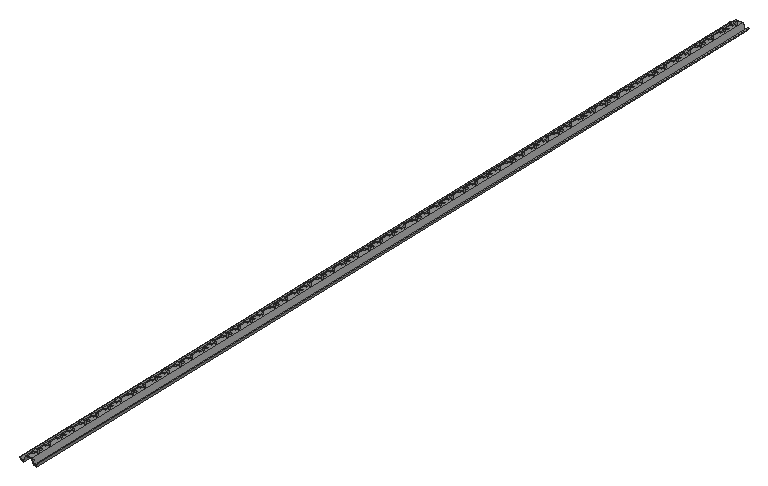
Revit family "TP-Profil - TPSG 3000 A2", category Generic Models, Revit 2017
Family settings
  Can host rebar = No
  Round Connector Dimension = Use Diameter
  Part Type = Normal
  Work Plane-Based = No
  Always vertical = Yes
  Cut with Voids When Loaded = No
  Shared = No
  Room Calculation Point = No
Parameters (values of type "TPSG 3000 A2")
  URL = "http://www.obo-bettermann.com"
  Material = Stainless steel, rustproof 1.4301
  Manufacturer Art.No. = "6366094"
  Manufacturer = "OBO BETTERMANN"
  GTIN = ""
  Cut's number 2 = 60
  Cut's number = 30
  Article Type = "TPSG 3000 A2"
Reference planes
  plane 1 "Center (Front/Back)": y = 0
  plane 2: z = 0
  plane 3 "Center (Left/Right)": x = 0
  plane 4: x = -30
  plane 5: x = 30
  plane 6: z = 20
  plane 7: z = 10
  plane 8: x = -10
  plane 9: x = 10
  plane 10: x = -17.95
  plane 11: x = 17.95
  plane 12: x = 17.95
  plane 13: x = 24.969
  plane 14: y = 3000
  plane 15: y = 47
  plane 16: y = 147
  plane 17: y = 247
  plane 18: y = 347
  plane 19: y = 447
  plane 20: y = 547
  plane 21: y = 647
  plane 22: y = 747
  plane 23: y = 847
  plane 24: y = 947
  plane 25: y = 1047
  plane 26: y = 1147
  plane 27: y = 1247
  plane 28: y = 1347
  plane 29: y = 1447
  plane 30: y = 1547
  plane 31: y = 1647
  plane 32: y = 1747
  plane 33: y = 1847
  plane 34: y = 1947
  plane 35: y = 2047
  plane 36: y = 2147
  plane 37: y = 2247
  plane 38: y = 2347
  plane 39: y = 2447
  plane 40: y = 2547
  plane 41: y = 2647
  plane 42: y = 2747
  plane 43: y = 2847
  plane 44: y = 2947
  plane 45: y = 31
  plane 46: x = -4.5
  plane 47: x = 4.5
  plane 48: y = 81
  plane 49: y = 131
  plane 50: y = 181
  plane 51: y = 231
  plane 52: y = 281
  plane 53: y = 331
  plane 54: y = 381
  plane 55: y = 431
  plane 56: y = 481
  plane 57: y = 531
  plane 58: y = 581
  plane 59: y = 631
  plane 60: y = 681
  plane 61: y = 731
  plane 62: y = 781
  plane 63: y = 831
  plane 64: y = 881
  plane 65: y = 931
  plane 66: y = 981
  plane 67: y = 1031
  plane 68: y = 1081
  plane 69: y = 1131
  plane 70: y = 1181
  plane 71: y = 1231
  plane 72: y = 1281
  plane 73: y = 1331
  plane 74: y = 1381
  plane 75: y = 1431
  plane 76: y = 1481
  plane 77: y = 1531
  plane 78: y = 1581
  plane 79: y = 1631
  plane 80: y = 1681
  plane 81: y = 1731
  plane 82: y = 1781
  plane 83: y = 1831
  plane 84: y = 1881
  plane 85: y = 1931
  plane 86: y = 1981
  plane 87: y = 2031
  plane 88: y = 2081
  plane 89: y = 2131
  plane 90: y = 2181
  plane 91: y = 2231
  plane 92: y = 2281
  plane 93: y = 2331
  plane 94: y = 2381
  plane 95: y = 2431
  plane 96: y = 2481
  plane 97: y = 2531
  plane 98: y = 2581
  plane 99: y = 2631
  plane 100: y = 2681
  plane 101: y = 2731
  plane 102: y = 2781
  plane 103: y = 2831
  plane 104: y = 2881
  plane 105: y = 2931
  plane 106: y = 2981
Forms (mm)
  Extrusion 1, solid, material "Stainless steel, rustproof 1.4301"
    sketch origin (0, 0, 0) x (1, 0, 0) y (0, 0, 1)
      loop
        line (-11.4, 20) -> (-17.95, 2.005) -> (-24.919, 2.005) -> (-28.121, 10.801) -> (-30, 10.117) -> (-26.318, 0) -> (-16.551, 0) -> (-10, 18) -> (10, 18) -> (16.551, 0) -> (26.37, 0) -> (29.977, 9.911) -> (28.098, 10.595) -> (24.969, 2) -> (17.952, 2) -> (11.4, 20) -> (-11.4, 20)
    from 0 to -3000
  Extrusion 2, void
    sketch origin (0, 0, 0) x (1, 0, 0) y (0, 1, 0)
      loop
        circle (0, 47) r 4.5
    from 18 to 20
  Extrusion 3, void
    sketch origin (0, 100, 0) x (1, 0, 0) y (0, 1, 0)
      loop
        circle (0, 47) r 4.5
    from 18 to 20
  Extrusion 4, void
    sketch origin (0, 200, 0) x (1, 0, 0) y (0, 1, 0)
      loop
        circle (0, 47) r 4.5
    from 18 to 20
  Extrusion 5, void
    sketch origin (0, 300, 0) x (1, 0, 0) y (0, 1, 0)
      loop
        circle (0, 47) r 4.5
    from 18 to 20
  Extrusion 6, void
    sketch origin (0, 400, 0) x (1, 0, 0) y (0, 1, 0)
      loop
        circle (0, 47) r 4.5
    from 18 to 20
  Extrusion 7, void
    sketch origin (0, 500, 0) x (1, 0, 0) y (0, 1, 0)
      loop
        circle (0, 47) r 4.5
    from 18 to 20
  Extrusion 8, void
    sketch origin (0, 600, 0) x (1, 0, 0) y (0, 1, 0)
      loop
        circle (0, 47) r 4.5
    from 18 to 20
  Extrusion 9, void
    sketch origin (0, 700, 0) x (1, 0, 0) y (0, 1, 0)
      loop
        circle (0, 47) r 4.5
    from 18 to 20
  Extrusion 10, void
    sketch origin (0, 800, 0) x (1, 0, 0) y (0, 1, 0)
      loop
        circle (0, 47) r 4.5
    from 18 to 20
  Extrusion 11, void
    sketch origin (0, 900, 0) x (1, 0, 0) y (0, 1, 0)
      loop
        circle (0, 47) r 4.5
    from 18 to 20
  Extrusion 12, void
    sketch origin (0, 1000, 0) x (1, 0, 0) y (0, 1, 0)
      loop
        circle (0, 47) r 4.5
    from 18 to 20
  Extrusion 13, void
    sketch origin (0, 1100, 0) x (1, 0, 0) y (0, 1, 0)
      loop
        circle (0, 47) r 4.5
    from 18 to 20
  Extrusion 14, void
    sketch origin (0, 1200, 0) x (1, 0, 0) y (0, 1, 0)
      loop
        circle (0, 47) r 4.5
    from 18 to 20
  Extrusion 15, void
    sketch origin (0, 1300, 0) x (1, 0, 0) y (0, 1, 0)
      loop
        circle (0, 47) r 4.5
    from 18 to 20
  Extrusion 16, void
    sketch origin (0, 1400, 0) x (1, 0, 0) y (0, 1, 0)
      loop
        circle (0, 47) r 4.5
    from 18 to 20
  Extrusion 17, void
    sketch origin (0, 1500, 0) x (1, 0, 0) y (0, 1, 0)
      loop
        circle (0, 47) r 4.5
    from 18 to 20
  Extrusion 18, void
    sketch origin (0, 1600, 0) x (1, 0, 0) y (0, 1, 0)
      loop
        circle (0, 47) r 4.5
    from 18 to 20
  Extrusion 19, void
    sketch origin (0, 1700, 0) x (1, 0, 0) y (0, 1, 0)
      loop
        circle (0, 47) r 4.5
    from 18 to 20
  Extrusion 20, void
    sketch origin (0, 1800, 0) x (1, 0, 0) y (0, 1, 0)
      loop
        circle (0, 47) r 4.5
    from 18 to 20
  Extrusion 21, void
    sketch origin (0, 1900, 0) x (1, 0, 0) y (0, 1, 0)
      loop
        circle (0, 47) r 4.5
    from 18 to 20
  Extrusion 22, void
    sketch origin (0, 2000, 0) x (1, 0, 0) y (0, 1, 0)
      loop
        circle (0, 47) r 4.5
    from 18 to 20
  Extrusion 23, void
    sketch origin (0, 2100, 0) x (1, 0, 0) y (0, 1, 0)
      loop
        circle (0, 47) r 4.5
    from 18 to 20
  Extrusion 24, void
    sketch origin (0, 2200, 0) x (1, 0, 0) y (0, 1, 0)
      loop
        circle (0, 47) r 4.5
    from 18 to 20
  Extrusion 25, void
    sketch origin (0, 2300, 0) x (1, 0, 0) y (0, 1, 0)
      loop
        circle (0, 47) r 4.5
    from 18 to 20
  Extrusion 26, void
    sketch origin (0, 2400, 0) x (1, 0, 0) y (0, 1, 0)
      loop
        circle (0, 47) r 4.5
    from 18 to 20
  Extrusion 27, void
    sketch origin (0, 2500, 0) x (1, 0, 0) y (0, 1, 0)
      loop
        circle (0, 47) r 4.5
    from 18 to 20
  Extrusion 28, void
    sketch origin (0, 2600, 0) x (1, 0, 0) y (0, 1, 0)
      loop
        circle (0, 47) r 4.5
    from 18 to 20
  Extrusion 29, void
    sketch origin (0, 2700, 0) x (1, 0, 0) y (0, 1, 0)
      loop
        circle (0, 47) r 4.5
    from 18 to 20
  Extrusion 30, void
    sketch origin (0, 2800, 0) x (1, 0, 0) y (0, 1, 0)
      loop
        circle (0, 47) r 4.5
    from 18 to 20
  Extrusion 31, void
    sketch origin (0, 2900, 0) x (1, 0, 0) y (0, 1, 0)
      loop
        circle (0, 47) r 4.5
    from 18 to 20
  Extrusion 32, solid, material "Stainless steel, rustproof 1.4301" <- "Material"
    sketch origin (0, 0, 0) x (0, 1, 0) y (0, 0, 1)
      loop
        line (31, 20) -> (33, 20) -> (33, 27) -> (16.5, 27) -> (16.5, 25) -> (31, 25) -> (31, 20)
    from -4.5 to 4.5
  Extrusion 33, solid, material "Stainless steel, rustproof 1.4301" <- "Material"
    sketch origin (0, 50, 0) x (0, 1, 0) y (0, 0, 1)
      loop
        line (31, 20) -> (33, 20) -> (33, 27) -> (16.5, 27) -> (16.5, 25) -> (31, 25) -> (31, 20)
    from -4.5 to 4.5
  Extrusion 34, solid, material "Stainless steel, rustproof 1.4301" <- "Material"
    sketch origin (0, 0, 0) x (0, 1, 0) y (0, 0, 1)
      loop
        line (131, 20) -> (133.036, 20) -> (133.036, 27.035) -> (116.536, 27.035) -> (116.536, 25) -> (131, 25) -> (131, 20)
    from -4.5 to 4.5
  Extrusion 35, solid, material "Stainless steel, rustproof 1.4301" <- "Material"
    sketch origin (0, 50, 0) x (0, 1, 0) y (0, 0, 1)
      loop
        line (131, 20) -> (133.036, 20) -> (133.036, 27.035) -> (116.536, 27.035) -> (116.536, 25) -> (131, 25) -> (131, 20)
    from -4.5 to 4.5
  Extrusion 36, solid, material "Stainless steel, rustproof 1.4301" <- "Material"
    sketch origin (0, 100, 0) x (0, 1, 0) y (0, 0, 1)
      loop
        line (131, 20) -> (133.036, 20) -> (133.036, 27.035) -> (116.536, 27.035) -> (116.536, 25) -> (131, 25) -> (131, 20)
    from -4.5 to 4.5
  Extrusion 37, solid, material "Stainless steel, rustproof 1.4301" <- "Material"
    sketch origin (0, 150, 0) x (0, 1, 0) y (0, 0, 1)
      loop
        line (131, 20) -> (133.036, 20) -> (133.036, 27.035) -> (116.536, 27.035) -> (116.536, 25) -> (131, 25) -> (131, 20)
    from -4.5 to 4.5
  Extrusion 38, solid, material "Stainless steel, rustproof 1.4301" <- "Material"
    sketch origin (0, 200, 0) x (0, 1, 0) y (0, 0, 1)
      loop
        line (131, 20) -> (133.036, 20) -> (133.036, 27.035) -> (116.536, 27.035) -> (116.536, 25) -> (131, 25) -> (131, 20)
    from -4.5 to 4.5
  Extrusion 39, solid, material "Stainless steel, rustproof 1.4301" <- "Material"
    sketch origin (0, 250, 0) x (0, 1, 0) y (0, 0, 1)
      loop
        line (131, 20) -> (133.036, 20) -> (133.036, 27.035) -> (116.536, 27.035) -> (116.536, 25) -> (131, 25) -> (131, 20)
    from -4.5 to 4.5
  Extrusion 40, solid, material "Stainless steel, rustproof 1.4301" <- "Material"
    sketch origin (0, 300, 0) x (0, 1, 0) y (0, 0, 1)
      loop
        line (131, 20) -> (133.036, 20) -> (133.036, 27.035) -> (116.536, 27.035) -> (116.536, 25) -> (131, 25) -> (131, 20)
    from -4.5 to 4.5
  Extrusion 41, solid, material "Stainless steel, rustproof 1.4301" <- "Material"
    sketch origin (0, 350, 0) x (0, 1, 0) y (0, 0, 1)
      loop
        line (131, 20) -> (133.036, 20) -> (133.036, 27.035) -> (116.536, 27.035) -> (116.536, 25) -> (131, 25) -> (131, 20)
    from -4.5 to 4.5
  Extrusion 42, solid, material "Stainless steel, rustproof 1.4301" <- "Material"
    sketch origin (0, 400, 0) x (0, 1, 0) y (0, 0, 1)
      loop
        line (131, 20) -> (133.036, 20) -> (133.036, 27.035) -> (116.536, 27.035) -> (116.536, 25) -> (131, 25) -> (131, 20)
    from -4.5 to 4.5
  Extrusion 43, solid, material "Stainless steel, rustproof 1.4301" <- "Material"
    sketch origin (0, 450, 0) x (0, 1, 0) y (0, 0, 1)
      loop
        line (131, 20) -> (133.036, 20) -> (133.036, 27.035) -> (116.536, 27.035) -> (116.536, 25) -> (131, 25) -> (131, 20)
    from -4.5 to 4.5
  Extrusion 44, solid, material "Stainless steel, rustproof 1.4301" <- "Material"
    sketch origin (0, 500, 0) x (0, 1, 0) y (0, 0, 1)
      loop
        line (131, 20) -> (133.036, 20) -> (133.036, 27.035) -> (116.536, 27.035) -> (116.536, 25) -> (131, 25) -> (131, 20)
    from -4.5 to 4.5
  Extrusion 45, solid, material "Stainless steel, rustproof 1.4301" <- "Material"
    sketch origin (0, 550, 0) x (0, 1, 0) y (0, 0, 1)
      loop
        line (131, 20) -> (133.036, 20) -> (133.036, 27.035) -> (116.536, 27.035) -> (116.536, 25) -> (131, 25) -> (131, 20)
    from -4.5 to 4.5
  Extrusion 46, solid, material "Stainless steel, rustproof 1.4301" <- "Material"
    sketch origin (0, 600, 0) x (0, 1, 0) y (0, 0, 1)
      loop
        line (131, 20) -> (133.036, 20) -> (133.036, 27.035) -> (116.536, 27.035) -> (116.536, 25) -> (131, 25) -> (131, 20)
    from -4.5 to 4.5
  Extrusion 47, solid, material "Stainless steel, rustproof 1.4301" <- "Material"
    sketch origin (0, 650, 0) x (0, 1, 0) y (0, 0, 1)
      loop
        line (131, 20) -> (133.036, 20) -> (133.036, 27.035) -> (116.536, 27.035) -> (116.536, 25) -> (131, 25) -> (131, 20)
    from -4.5 to 4.5
  Extrusion 48, solid, material "Stainless steel, rustproof 1.4301" <- "Material"
    sketch origin (0, 700, 0) x (0, 1, 0) y (0, 0, 1)
      loop
        line (131, 20) -> (133.036, 20) -> (133.036, 27.035) -> (116.536, 27.035) -> (116.536, 25) -> (131, 25) -> (131, 20)
    from -4.5 to 4.5
  Extrusion 49, solid, material "Stainless steel, rustproof 1.4301" <- "Material"
    sketch origin (0, 750, 0) x (0, 1, 0) y (0, 0, 1)
      loop
        line (131, 20) -> (133.036, 20) -> (133.036, 27.035) -> (116.536, 27.035) -> (116.536, 25) -> (131, 25) -> (131, 20)
    from -4.5 to 4.5
  Extrusion 50, solid, material "Stainless steel, rustproof 1.4301" <- "Material"
    sketch origin (0, 800, 0) x (0, 1, 0) y (0, 0, 1)
      loop
        line (131, 20) -> (133.036, 20) -> (133.036, 27.035) -> (116.536, 27.035) -> (116.536, 25) -> (131, 25) -> (131, 20)
    from -4.5 to 4.5
  Extrusion 51, solid, material "Stainless steel, rustproof 1.4301" <- "Material"
    sketch origin (0, 850, 0) x (0, 1, 0) y (0, 0, 1)
      loop
        line (131, 20) -> (133.036, 20) -> (133.036, 27.035) -> (116.536, 27.035) -> (116.536, 25) -> (131, 25) -> (131, 20)
    from -4.5 to 4.5
  Extrusion 52, solid, material "Stainless steel, rustproof 1.4301" <- "Material"
    sketch origin (0, 900, 0) x (0, 1, 0) y (0, 0, 1)
      loop
        line (131, 20) -> (133.036, 20) -> (133.036, 27.035) -> (116.536, 27.035) -> (116.536, 25) -> (131, 25) -> (131, 20)
    from -4.5 to 4.5
  Extrusion 53, solid, material "Stainless steel, rustproof 1.4301" <- "Material"
    sketch origin (0, 950, 0) x (0, 1, 0) y (0, 0, 1)
      loop
        line (131, 20) -> (133.036, 20) -> (133.036, 27.035) -> (116.536, 27.035) -> (116.536, 25) -> (131, 25) -> (131, 20)
    from -4.5 to 4.5
  Extrusion 54, solid, material "Stainless steel, rustproof 1.4301" <- "Material"
    sketch origin (0, 1000, 0) x (0, 1, 0) y (0, 0, 1)
      loop
        line (131, 20) -> (133.036, 20) -> (133.036, 27.035) -> (116.536, 27.035) -> (116.536, 25) -> (131, 25) -> (131, 20)
    from -4.5 to 4.5
  Extrusion 55, solid, material "Stainless steel, rustproof 1.4301" <- "Material"
    sketch origin (0, 1050, 0) x (0, 1, 0) y (0, 0, 1)
      loop
        line (131, 20) -> (133.036, 20) -> (133.036, 27.035) -> (116.536, 27.035) -> (116.536, 25) -> (131, 25) -> (131, 20)
    from -4.5 to 4.5
  Extrusion 56, solid, material "Stainless steel, rustproof 1.4301" <- "Material"
    sketch origin (0, 1100, 0) x (0, 1, 0) y (0, 0, 1)
      loop
        line (131, 20) -> (133.036, 20) -> (133.036, 27.035) -> (116.536, 27.035) -> (116.536, 25) -> (131, 25) -> (131, 20)
    from -4.5 to 4.5
  Extrusion 57, solid, material "Stainless steel, rustproof 1.4301" <- "Material"
    sketch origin (0, 1150, 0) x (0, 1, 0) y (0, 0, 1)
      loop
        line (131, 20) -> (133.036, 20) -> (133.036, 27.035) -> (116.536, 27.035) -> (116.536, 25) -> (131, 25) -> (131, 20)
    from -4.5 to 4.5
  Extrusion 58, solid, material "Stainless steel, rustproof 1.4301" <- "Material"
    sketch origin (0, 1200, 0) x (0, 1, 0) y (0, 0, 1)
      loop
        line (131, 20) -> (133.036, 20) -> (133.036, 27.035) -> (116.536, 27.035) -> (116.536, 25) -> (131, 25) -> (131, 20)
    from -4.5 to 4.5
  Extrusion 59, solid, material "Stainless steel, rustproof 1.4301" <- "Material"
    sketch origin (0, 1250, 0) x (0, 1, 0) y (0, 0, 1)
      loop
        line (131, 20) -> (133.036, 20) -> (133.036, 27.035) -> (116.536, 27.035) -> (116.536, 25) -> (131, 25) -> (131, 20)
    from -4.5 to 4.5
  Extrusion 60, solid, material "Stainless steel, rustproof 1.4301" <- "Material"
    sketch origin (0, 1300, 0) x (0, 1, 0) y (0, 0, 1)
      loop
        line (131, 20) -> (133.036, 20) -> (133.036, 27.035) -> (116.536, 27.035) -> (116.536, 25) -> (131, 25) -> (131, 20)
    from -4.5 to 4.5
  Extrusion 61, solid, material "Stainless steel, rustproof 1.4301" <- "Material"
    sketch origin (0, 1350, 0) x (0, 1, 0) y (0, 0, 1)
      loop
        line (131, 20) -> (133.036, 20) -> (133.036, 27.035) -> (116.536, 27.035) -> (116.536, 25) -> (131, 25) -> (131, 20)
    from -4.5 to 4.5
  Extrusion 62, solid, material "Stainless steel, rustproof 1.4301" <- "Material"
    sketch origin (0, 1400, 0) x (0, 1, 0) y (0, 0, 1)
      loop
        line (131, 20) -> (133.036, 20) -> (133.036, 27.035) -> (116.536, 27.035) -> (116.536, 25) -> (131, 25) -> (131, 20)
    from -4.5 to 4.5
  Extrusion 63, solid, material "Stainless steel, rustproof 1.4301" <- "Material"
    sketch origin (0, 1450, 0) x (0, 1, 0) y (0, 0, 1)
      loop
        line (131, 20) -> (133.036, 20) -> (133.036, 27.035) -> (116.536, 27.035) -> (116.536, 25) -> (131, 25) -> (131, 20)
    from -4.5 to 4.5
  Extrusion 64, solid, material "Stainless steel, rustproof 1.4301" <- "Material"
    sketch origin (0, 1500, 0) x (0, 1, 0) y (0, 0, 1)
      loop
        line (131, 20) -> (133.036, 20) -> (133.036, 27.035) -> (116.536, 27.035) -> (116.536, 25) -> (131, 25) -> (131, 20)
    from -4.5 to 4.5
  Extrusion 65, solid, material "Stainless steel, rustproof 1.4301" <- "Material"
    sketch origin (0, 1550, 0) x (0, 1, 0) y (0, 0, 1)
      loop
        line (131, 20) -> (133.036, 20) -> (133.036, 27.035) -> (116.536, 27.035) -> (116.536, 25) -> (131, 25) -> (131, 20)
    from -4.5 to 4.5
  Extrusion 66, solid, material "Stainless steel, rustproof 1.4301" <- "Material"
    sketch origin (0, 1600, 0) x (0, 1, 0) y (0, 0, 1)
      loop
        line (131, 20) -> (133.036, 20) -> (133.036, 27.035) -> (116.536, 27.035) -> (116.536, 25) -> (131, 25) -> (131, 20)
    from -4.5 to 4.5
  Extrusion 67, solid, material "Stainless steel, rustproof 1.4301" <- "Material"
    sketch origin (0, 1650, 0) x (0, 1, 0) y (0, 0, 1)
      loop
        line (131, 20) -> (133.036, 20) -> (133.036, 27.035) -> (116.536, 27.035) -> (116.536, 25) -> (131, 25) -> (131, 20)
    from -4.5 to 4.5
  Extrusion 68, solid, material "Stainless steel, rustproof 1.4301" <- "Material"
    sketch origin (0, 1700, 0) x (0, 1, 0) y (0, 0, 1)
      loop
        line (131, 20) -> (133.036, 20) -> (133.036, 27.035) -> (116.536, 27.035) -> (116.536, 25) -> (131, 25) -> (131, 20)
    from -4.5 to 4.5
  Extrusion 69, solid, material "Stainless steel, rustproof 1.4301" <- "Material"
    sketch origin (0, 1750, 0) x (0, 1, 0) y (0, 0, 1)
      loop
        line (131, 20) -> (133.036, 20) -> (133.036, 27.035) -> (116.536, 27.035) -> (116.536, 25) -> (131, 25) -> (131, 20)
    from -4.5 to 4.5
  Extrusion 70, solid, material "Stainless steel, rustproof 1.4301" <- "Material"
    sketch origin (0, 1800, 0) x (0, 1, 0) y (0, 0, 1)
      loop
        line (131, 20) -> (133.036, 20) -> (133.036, 27.035) -> (116.536, 27.035) -> (116.536, 25) -> (131, 25) -> (131, 20)
    from -4.5 to 4.5
  Extrusion 71, solid, material "Stainless steel, rustproof 1.4301" <- "Material"
    sketch origin (0, 1850, 0) x (0, 1, 0) y (0, 0, 1)
      loop
        line (131, 20) -> (133.036, 20) -> (133.036, 27.035) -> (116.536, 27.035) -> (116.536, 25) -> (131, 25) -> (131, 20)
    from -4.5 to 4.5
  Extrusion 72, solid, material "Stainless steel, rustproof 1.4301" <- "Material"
    sketch origin (0, 1900, 0) x (0, 1, 0) y (0, 0, 1)
      loop
        line (131, 20) -> (133.036, 20) -> (133.036, 27.035) -> (116.536, 27.035) -> (116.536, 25) -> (131, 25) -> (131, 20)
    from -4.5 to 4.5
  Extrusion 73, solid, material "Stainless steel, rustproof 1.4301" <- "Material"
    sketch origin (0, 1950, 0) x (0, 1, 0) y (0, 0, 1)
      loop
        line (131, 20) -> (133.036, 20) -> (133.036, 27.035) -> (116.536, 27.035) -> (116.536, 25) -> (131, 25) -> (131, 20)
    from -4.5 to 4.5
  Extrusion 74, solid, material "Stainless steel, rustproof 1.4301" <- "Material"
    sketch origin (0, 2000, 0) x (0, 1, 0) y (0, 0, 1)
      loop
        line (131, 20) -> (133.036, 20) -> (133.036, 27.035) -> (116.536, 27.035) -> (116.536, 25) -> (131, 25) -> (131, 20)
    from -4.5 to 4.5
  Extrusion 75, solid, material "Stainless steel, rustproof 1.4301" <- "Material"
    sketch origin (0, 2050, 0) x (0, 1, 0) y (0, 0, 1)
      loop
        line (131, 20) -> (133.036, 20) -> (133.036, 27.035) -> (116.536, 27.035) -> (116.536, 25) -> (131, 25) -> (131, 20)
    from -4.5 to 4.5
  Extrusion 76, solid, material "Stainless steel, rustproof 1.4301" <- "Material"
    sketch origin (0, 2100, 0) x (0, 1, 0) y (0, 0, 1)
      loop
        line (131, 20) -> (133.036, 20) -> (133.036, 27.035) -> (116.536, 27.035) -> (116.536, 25) -> (131, 25) -> (131, 20)
    from -4.5 to 4.5
  Extrusion 77, solid, material "Stainless steel, rustproof 1.4301" <- "Material"
    sketch origin (0, 2150, 0) x (0, 1, 0) y (0, 0, 1)
      loop
        line (131, 20) -> (133.036, 20) -> (133.036, 27.035) -> (116.536, 27.035) -> (116.536, 25) -> (131, 25) -> (131, 20)
    from -4.5 to 4.5
  Extrusion 78, solid, material "Stainless steel, rustproof 1.4301" <- "Material"
    sketch origin (0, 2200, 0) x (0, 1, 0) y (0, 0, 1)
      loop
        line (131, 20) -> (133.036, 20) -> (133.036, 27.035) -> (116.536, 27.035) -> (116.536, 25) -> (131, 25) -> (131, 20)
    from -4.5 to 4.5
  Extrusion 79, solid, material "Stainless steel, rustproof 1.4301" <- "Material"
    sketch origin (0, 2250, 0) x (0, 1, 0) y (0, 0, 1)
      loop
        line (131, 20) -> (133.036, 20) -> (133.036, 27.035) -> (116.536, 27.035) -> (116.536, 25) -> (131, 25) -> (131, 20)
    from -4.5 to 4.5
  Extrusion 80, solid, material "Stainless steel, rustproof 1.4301" <- "Material"
    sketch origin (0, 2300, 0) x (0, 1, 0) y (0, 0, 1)
      loop
        line (131, 20) -> (133.036, 20) -> (133.036, 27.035) -> (116.536, 27.035) -> (116.536, 25) -> (131, 25) -> (131, 20)
    from -4.5 to 4.5
  Extrusion 81, solid, material "Stainless steel, rustproof 1.4301" <- "Material"
    sketch origin (0, 2350, 0) x (0, 1, 0) y (0, 0, 1)
      loop
        line (131, 20) -> (133.036, 20) -> (133.036, 27.035) -> (116.536, 27.035) -> (116.536, 25) -> (131, 25) -> (131, 20)
    from -4.5 to 4.5
  Extrusion 82, solid, material "Stainless steel, rustproof 1.4301" <- "Material"
    sketch origin (0, 2400, 0) x (0, 1, 0) y (0, 0, 1)
      loop
        line (131, 20) -> (133.036, 20) -> (133.036, 27.035) -> (116.536, 27.035) -> (116.536, 25) -> (131, 25) -> (131, 20)
    from -4.5 to 4.5
  Extrusion 83, solid, material "Stainless steel, rustproof 1.4301" <- "Material"
    sketch origin (0, 2450, 0) x (0, 1, 0) y (0, 0, 1)
      loop
        line (131, 20) -> (133.036, 20) -> (133.036, 27.035) -> (116.536, 27.035) -> (116.536, 25) -> (131, 25) -> (131, 20)
    from -4.5 to 4.5
  Extrusion 84, solid, material "Stainless steel, rustproof 1.4301" <- "Material"
    sketch origin (0, 2500, 0) x (0, 1, 0) y (0, 0, 1)
      loop
        line (131, 20) -> (133.036, 20) -> (133.036, 27.035) -> (116.536, 27.035) -> (116.536, 25) -> (131, 25) -> (131, 20)
    from -4.5 to 4.5
  Extrusion 85, solid, material "Stainless steel, rustproof 1.4301" <- "Material"
    sketch origin (0, 2550, 0) x (0, 1, 0) y (0, 0, 1)
      loop
        line (131, 20) -> (133.036, 20) -> (133.036, 27.035) -> (116.536, 27.035) -> (116.536, 25) -> (131, 25) -> (131, 20)
    from -4.5 to 4.5
  Extrusion 86, solid, material "Stainless steel, rustproof 1.4301" <- "Material"
    sketch origin (0, 2600, 0) x (0, 1, 0) y (0, 0, 1)
      loop
        line (131, 20) -> (133.036, 20) -> (133.036, 27.035) -> (116.536, 27.035) -> (116.536, 25) -> (131, 25) -> (131, 20)
    from -4.5 to 4.5
  Extrusion 87, solid, material "Stainless steel, rustproof 1.4301" <- "Material"
    sketch origin (0, 2650, 0) x (0, 1, 0) y (0, 0, 1)
      loop
        line (131, 20) -> (133.036, 20) -> (133.036, 27.035) -> (116.536, 27.035) -> (116.536, 25) -> (131, 25) -> (131, 20)
    from -4.5 to 4.5
  Extrusion 88, solid, material "Stainless steel, rustproof 1.4301" <- "Material"
    sketch origin (0, 2700, 0) x (0, 1, 0) y (0, 0, 1)
      loop
        line (131, 20) -> (133.036, 20) -> (133.036, 27.035) -> (116.536, 27.035) -> (116.536, 25) -> (131, 25) -> (131, 20)
    from -4.5 to 4.5
  Extrusion 89, solid, material "Stainless steel, rustproof 1.4301" <- "Material"
    sketch origin (0, 2750, 0) x (0, 1, 0) y (0, 0, 1)
      loop
        line (131, 20) -> (133.036, 20) -> (133.036, 27.035) -> (116.536, 27.035) -> (116.536, 25) -> (131, 25) -> (131, 20)
    from -4.5 to 4.5
  Extrusion 90, solid, material "Stainless steel, rustproof 1.4301" <- "Material"
    sketch origin (0, 2800, 0) x (0, 1, 0) y (0, 0, 1)
      loop
        line (131, 20) -> (133.036, 20) -> (133.036, 27.035) -> (116.536, 27.035) -> (116.536, 25) -> (131, 25) -> (131, 20)
    from -4.5 to 4.5
  Extrusion 91, solid, material "Stainless steel, rustproof 1.4301" <- "Material"
    sketch origin (0, 2850, 0) x (0, 1, 0) y (0, 0, 1)
      loop
        line (131, 20) -> (133.036, 20) -> (133.036, 27.035) -> (116.536, 27.035) -> (116.536, 25) -> (131, 25) -> (131, 20)
    from -4.5 to 4.5
Cuts and joins
  Extrusion 2, Extrusion 3, Extrusion 4, Extrusion 5, Extrusion 6, Extrusion 7, Extrusion 8, Extrusion 9, Extrusion 10, Extrusion 11, Extrusion 12, Extrusion 13, Extrusion 14, Extrusion 15, Extrusion 16, Extrusion 17, Extrusion 18, Extrusion 19, Extrusion 20, Extrusion 21, Extrusion 22, Extrusion 23, Extrusion 24, Extrusion 25, Extrusion 26, Extrusion 27, Extrusion 28, Extrusion 29, Extrusion 30, Extrusion 31 cuts Extrusion 1
Dimensions and locks
  locked: plane 5 to plane 4 at 60
  locked: plane 6 to level at 20
  locked: plane 7 to level at 10
  locked: plane 9 to plane 8 at 20
  locked: plane 3 "Center (Left/Right)" to plane 8 at 10
  locked: plane 11 to plane 10 at 35.9
  locked: plane 3 "Center (Left/Right)" to plane 10 at 17.95
  locked: Extrusion 1 sketch curve to Extrusion 1 sketch curve at 7.017
  locked: Extrusion 1 sketch curve to Extrusion 1 sketch curve at 2  (x6)
  locked: Extrusion 1 sketch curve to Extrusion 1 sketch curve at 10.547
  locked: Extrusion 1 sketch curve to Extrusion 1 sketch curve at 20
  locked: Extrusion 1 sketch curve to Extrusion 1 sketch curve at 2.005
  locked: Extrusion 1 sketch curve to Extrusion 1 sketch curve at 9.36
  locked: Extrusion 1 sketch curve to Extrusion 1 sketch curve at 59.977
  locked: Extrusion 1 sketch curve to level at 20
  equal spacing: group 1, group 2, group 3, group 4, group 5, group 6, group 7, group 8, group 9, group 10, group 11, group 12, group 13, group 14, group 15, group 16, group 17, group 18, group 19, group 20, group 21, group 22, group 23, group 24, group 25, group 26, group 27, group 28, group 29, group 30  (x3)
  locked: Extrusion 32 sketch curve to Extrusion 32 sketch curve at 16.5
  locked: Extrusion 32 sketch curve to Extrusion 32 sketch curve at 2  (x2)
  Extrusion 32 sketch curve to cut or joined group 1 (Extrusion 1, Extrusion 2, Extrusion 3, Extrusion 4, Extrusion 5, Extrusion 6, Extrusion 7, Extrusion 8, Extrusion 9, Extrusion 10, Extrusion 11, Extrusion 12, Extrusion 13, Extrusion 14, Extrusion 15, Extrusion 16, Extrusion 17, Extrusion 18, Extrusion 19, Extrusion 20, Extrusion 21, Extrusion 22, Extrusion 23, Extrusion 24, Extrusion 25, Extrusion 26, Extrusion 27, Extrusion 28, Extrusion 29, Extrusion 30, Extrusion 31) = 5 mm
  locked: Extrusion 32 to Extrusion 32 at 9
  locked: Extrusion 32 to plane 3 "Center (Left/Right)" at 4.5
  Extrusion 32 to cut or joined group 1 = 5.5 mm
  locked: Extrusion 33 sketch curve to Extrusion 33 sketch curve at 16.5
  locked: Extrusion 33 sketch curve to Extrusion 33 sketch curve at 2  (x2)
  locked: Extrusion 33 to Extrusion 33 at 9
  locked: Extrusion 34 sketch curve to Extrusion 34 sketch curve at 16.5
  Extrusion 34 sketch curve to Extrusion 34 sketch curve = 16.5 mm
  locked: Extrusion 35 sketch curve to Extrusion 35 sketch curve at 16.5
  Extrusion 35 sketch curve to Extrusion 35 sketch curve = 16.5 mm
  locked: Extrusion 36 sketch curve to Extrusion 36 sketch curve at 16.5
  Extrusion 36 sketch curve to Extrusion 36 sketch curve = 16.5 mm
  locked: Extrusion 37 sketch curve to Extrusion 37 sketch curve at 16.5
  Extrusion 37 sketch curve to Extrusion 37 sketch curve = 16.5 mm
  locked: Extrusion 38 sketch curve to Extrusion 38 sketch curve at 16.5
  Extrusion 38 sketch curve to Extrusion 38 sketch curve = 16.5 mm
  locked: Extrusion 39 sketch curve to Extrusion 39 sketch curve at 16.5
  Extrusion 39 sketch curve to Extrusion 39 sketch curve = 16.5 mm
  locked: Extrusion 40 sketch curve to Extrusion 40 sketch curve at 16.5
  Extrusion 40 sketch curve to Extrusion 40 sketch curve = 16.5 mm
  locked: Extrusion 41 sketch curve to Extrusion 41 sketch curve at 16.5
  Extrusion 41 sketch curve to Extrusion 41 sketch curve = 16.5 mm
  locked: Extrusion 42 sketch curve to Extrusion 42 sketch curve at 16.5
  Extrusion 42 sketch curve to Extrusion 42 sketch curve = 16.5 mm
  locked: Extrusion 43 sketch curve to Extrusion 43 sketch curve at 16.5
  Extrusion 43 sketch curve to Extrusion 43 sketch curve = 16.5 mm
  locked: Extrusion 44 sketch curve to Extrusion 44 sketch curve at 16.5
  Extrusion 44 sketch curve to Extrusion 44 sketch curve = 16.5 mm
  locked: Extrusion 45 sketch curve to Extrusion 45 sketch curve at 16.5
  Extrusion 45 sketch curve to Extrusion 45 sketch curve = 16.5 mm
  locked: Extrusion 46 sketch curve to Extrusion 46 sketch curve at 16.5
  Extrusion 46 sketch curve to Extrusion 46 sketch curve = 16.5 mm
  locked: Extrusion 47 sketch curve to Extrusion 47 sketch curve at 16.5
  Extrusion 47 sketch curve to Extrusion 47 sketch curve = 16.5 mm
  locked: Extrusion 48 sketch curve to Extrusion 48 sketch curve at 16.5
  Extrusion 48 sketch curve to Extrusion 48 sketch curve = 16.5 mm
  locked: Extrusion 49 sketch curve to Extrusion 49 sketch curve at 16.5
  Extrusion 49 sketch curve to Extrusion 49 sketch curve = 16.5 mm
  locked: Extrusion 50 sketch curve to Extrusion 50 sketch curve at 16.5
  Extrusion 50 sketch curve to Extrusion 50 sketch curve = 16.5 mm
  locked: Extrusion 51 sketch curve to Extrusion 51 sketch curve at 16.5
  Extrusion 51 sketch curve to Extrusion 51 sketch curve = 16.5 mm
  locked: Extrusion 52 sketch curve to Extrusion 52 sketch curve at 16.5
  Extrusion 52 sketch curve to Extrusion 52 sketch curve = 16.5 mm
  locked: Extrusion 53 sketch curve to Extrusion 53 sketch curve at 16.5
  Extrusion 53 sketch curve to Extrusion 53 sketch curve = 16.5 mm
  locked: Extrusion 54 sketch curve to Extrusion 54 sketch curve at 16.5
  Extrusion 54 sketch curve to Extrusion 54 sketch curve = 16.5 mm
  locked: Extrusion 55 sketch curve to Extrusion 55 sketch curve at 16.5
  Extrusion 55 sketch curve to Extrusion 55 sketch curve = 16.5 mm
  locked: Extrusion 56 sketch curve to Extrusion 56 sketch curve at 16.5
  Extrusion 56 sketch curve to Extrusion 56 sketch curve = 16.5 mm
  locked: Extrusion 57 sketch curve to Extrusion 57 sketch curve at 16.5
  Extrusion 57 sketch curve to Extrusion 57 sketch curve = 16.5 mm
  locked: Extrusion 58 sketch curve to Extrusion 58 sketch curve at 16.5
  Extrusion 58 sketch curve to Extrusion 58 sketch curve = 16.5 mm
  locked: Extrusion 59 sketch curve to Extrusion 59 sketch curve at 16.5
  Extrusion 59 sketch curve to Extrusion 59 sketch curve = 16.5 mm
  locked: Extrusion 60 sketch curve to Extrusion 60 sketch curve at 16.5
  Extrusion 60 sketch curve to Extrusion 60 sketch curve = 16.5 mm
  locked: Extrusion 61 sketch curve to Extrusion 61 sketch curve at 16.5
  Extrusion 61 sketch curve to Extrusion 61 sketch curve = 16.5 mm
  locked: Extrusion 62 sketch curve to Extrusion 62 sketch curve at 16.5
  Extrusion 62 sketch curve to Extrusion 62 sketch curve = 16.5 mm
  locked: Extrusion 63 sketch curve to Extrusion 63 sketch curve at 16.5
  Extrusion 63 sketch curve to Extrusion 63 sketch curve = 16.5 mm
  locked: Extrusion 64 sketch curve to Extrusion 64 sketch curve at 16.5
  Extrusion 64 sketch curve to Extrusion 64 sketch curve = 16.5 mm
  locked: Extrusion 65 sketch curve to Extrusion 65 sketch curve at 16.5
  Extrusion 65 sketch curve to Extrusion 65 sketch curve = 16.5 mm
  locked: Extrusion 66 sketch curve to Extrusion 66 sketch curve at 16.5
  Extrusion 66 sketch curve to Extrusion 66 sketch curve = 16.5 mm
  locked: Extrusion 67 sketch curve to Extrusion 67 sketch curve at 16.5
  Extrusion 67 sketch curve to Extrusion 67 sketch curve = 16.5 mm
  locked: Extrusion 68 sketch curve to Extrusion 68 sketch curve at 16.5
  Extrusion 68 sketch curve to Extrusion 68 sketch curve = 16.5 mm
  locked: Extrusion 69 sketch curve to Extrusion 69 sketch curve at 16.5
  Extrusion 69 sketch curve to Extrusion 69 sketch curve = 16.5 mm
  locked: Extrusion 70 sketch curve to Extrusion 70 sketch curve at 16.5
  Extrusion 70 sketch curve to Extrusion 70 sketch curve = 16.5 mm
  locked: Extrusion 71 sketch curve to Extrusion 71 sketch curve at 16.5
  Extrusion 71 sketch curve to Extrusion 71 sketch curve = 16.5 mm
  locked: Extrusion 72 sketch curve to Extrusion 72 sketch curve at 16.5
  Extrusion 72 sketch curve to Extrusion 72 sketch curve = 16.5 mm
  locked: Extrusion 73 sketch curve to Extrusion 73 sketch curve at 16.5
  Extrusion 73 sketch curve to Extrusion 73 sketch curve = 16.5 mm
  locked: Extrusion 74 sketch curve to Extrusion 74 sketch curve at 16.5
  Extrusion 74 sketch curve to Extrusion 74 sketch curve = 16.5 mm
  locked: Extrusion 75 sketch curve to Extrusion 75 sketch curve at 16.5
  Extrusion 75 sketch curve to Extrusion 75 sketch curve = 16.5 mm
  locked: Extrusion 76 sketch curve to Extrusion 76 sketch curve at 16.5
  Extrusion 76 sketch curve to Extrusion 76 sketch curve = 16.5 mm
  locked: Extrusion 77 sketch curve to Extrusion 77 sketch curve at 16.5
  Extrusion 77 sketch curve to Extrusion 77 sketch curve = 16.5 mm
  locked: Extrusion 78 sketch curve to Extrusion 78 sketch curve at 16.5
  Extrusion 78 sketch curve to Extrusion 78 sketch curve = 16.5 mm
  locked: Extrusion 79 sketch curve to Extrusion 79 sketch curve at 16.5
  Extrusion 79 sketch curve to Extrusion 79 sketch curve = 16.5 mm
  locked: Extrusion 80 sketch curve to Extrusion 80 sketch curve at 16.5
  Extrusion 80 sketch curve to Extrusion 80 sketch curve = 16.5 mm
  locked: Extrusion 81 sketch curve to Extrusion 81 sketch curve at 16.5
  Extrusion 81 sketch curve to Extrusion 81 sketch curve = 16.5 mm
  locked: Extrusion 82 sketch curve to Extrusion 82 sketch curve at 16.5
  Extrusion 82 sketch curve to Extrusion 82 sketch curve = 16.5 mm
  locked: Extrusion 83 sketch curve to Extrusion 83 sketch curve at 16.5
  Extrusion 83 sketch curve to Extrusion 83 sketch curve = 16.5 mm
  locked: Extrusion 84 sketch curve to Extrusion 84 sketch curve at 16.5
  Extrusion 84 sketch curve to Extrusion 84 sketch curve = 16.5 mm
  locked: Extrusion 85 sketch curve to Extrusion 85 sketch curve at 16.5
  Extrusion 85 sketch curve to Extrusion 85 sketch curve = 16.5 mm
  locked: Extrusion 86 sketch curve to Extrusion 86 sketch curve at 16.5
  Extrusion 86 sketch curve to Extrusion 86 sketch curve = 16.5 mm
  locked: Extrusion 87 sketch curve to Extrusion 87 sketch curve at 16.5
  Extrusion 87 sketch curve to Extrusion 87 sketch curve = 16.5 mm
  locked: Extrusion 88 sketch curve to Extrusion 88 sketch curve at 16.5
  Extrusion 88 sketch curve to Extrusion 88 sketch curve = 16.5 mm
  locked: Extrusion 89 sketch curve to Extrusion 89 sketch curve at 16.5
  Extrusion 89 sketch curve to Extrusion 89 sketch curve = 16.5 mm
  locked: Extrusion 90 sketch curve to Extrusion 90 sketch curve at 16.5
  Extrusion 90 sketch curve to Extrusion 90 sketch curve = 16.5 mm
  locked: Extrusion 91 sketch curve to Extrusion 91 sketch curve at 16.5
  Extrusion 91 sketch curve to Extrusion 91 sketch curve = 16.5 mm
  locked: plane 9 to Extrusion 1 sketch curve (angle 20.00°)
  angle Extrusion 1 sketch curve to plane 13 = 20.00°
  aligned and locked: level to plane 2
  aligned and locked: plane 9 to Extrusion 1 sketch curve
  aligned and locked: Extrusion 1 sketch curve to Extrusion 1 sketch curve
  aligned and locked: plane 14 to Extrusion 1
  aligned and locked: plane 1 "Center (Front/Back)" to Extrusion 1
  aligned and locked: Extrusion 1 to Extrusion 2  (x2)
  aligned and locked: Extrusion 32 to cut or joined group 1
  aligned and locked: Extrusion 32 to plane 46
  aligned and locked: plane 47 to Extrusion 32
  aligned and locked: Extrusion 34 to cut or joined group 1
  aligned and locked: Extrusion 34 to Extrusion 33
  aligned and locked: Extrusion 33 to Extrusion 34
Automatic sketch dimensions
  Extrusion 1 sketch curve to plane 4 = 0 mm
  plane 10 to Extrusion 1 sketch curve = 0 mm
  Extrusion 1 sketch curve to level = 0 mm
  Extrusion 32 sketch curve to plane 45 = 0 mm
  Extrusion 32 sketch curve to Extrusion 32 sketch curve = 5 mm
  Extrusion 33 sketch curve to plane 48 = 0 mm
  Extrusion 33 sketch curve to Extrusion 33 sketch curve = 5 mm
  level to Extrusion 33 sketch curve = 20 mm
  Extrusion 34 sketch curve to plane 49 = 0 mm
  plane 49 to Extrusion 34 sketch curve = 2.036 mm
  Extrusion 34 sketch curve to Extrusion 34 sketch curve = 5 mm
  Extrusion 34 sketch curve to Extrusion 34 sketch curve = 2.035 mm
  Extrusion 35 sketch curve to plane 50 = 0 mm
  plane 50 to Extrusion 35 sketch curve = 2.036 mm
  Extrusion 35 sketch curve to Extrusion 35 sketch curve = 5 mm
  Extrusion 35 sketch curve to Extrusion 35 sketch curve = 2.035 mm
  Extrusion 36 sketch curve to plane 51 = 0 mm
  plane 51 to Extrusion 36 sketch curve = 2.036 mm
  Extrusion 36 sketch curve to Extrusion 36 sketch curve = 5 mm
  Extrusion 36 sketch curve to Extrusion 36 sketch curve = 2.035 mm
  Extrusion 37 sketch curve to plane 52 = 0 mm
  plane 52 to Extrusion 37 sketch curve = 2.036 mm
  Extrusion 37 sketch curve to Extrusion 37 sketch curve = 5 mm
  Extrusion 37 sketch curve to Extrusion 37 sketch curve = 2.035 mm
  Extrusion 38 sketch curve to plane 53 = 0 mm
  plane 53 to Extrusion 38 sketch curve = 2.036 mm
  Extrusion 38 sketch curve to Extrusion 38 sketch curve = 5 mm
  Extrusion 38 sketch curve to Extrusion 38 sketch curve = 2.035 mm
  Extrusion 39 sketch curve to plane 54 = 0 mm
  plane 54 to Extrusion 39 sketch curve = 2.036 mm
  Extrusion 39 sketch curve to Extrusion 39 sketch curve = 5 mm
  Extrusion 39 sketch curve to Extrusion 39 sketch curve = 2.035 mm
  Extrusion 40 sketch curve to plane 55 = 0 mm
  plane 55 to Extrusion 40 sketch curve = 2.036 mm
  Extrusion 40 sketch curve to Extrusion 40 sketch curve = 5 mm
  Extrusion 40 sketch curve to Extrusion 40 sketch curve = 2.035 mm
  Extrusion 41 sketch curve to plane 56 = 0 mm
  plane 56 to Extrusion 41 sketch curve = 2.036 mm
  Extrusion 41 sketch curve to Extrusion 41 sketch curve = 5 mm
  Extrusion 41 sketch curve to Extrusion 41 sketch curve = 2.035 mm
  Extrusion 42 sketch curve to plane 57 = 0 mm
  plane 57 to Extrusion 42 sketch curve = 2.036 mm
  Extrusion 42 sketch curve to Extrusion 42 sketch curve = 5 mm
  Extrusion 42 sketch curve to Extrusion 42 sketch curve = 2.035 mm
  Extrusion 43 sketch curve to plane 58 = 0 mm
  plane 58 to Extrusion 43 sketch curve = 2.036 mm
  Extrusion 43 sketch curve to Extrusion 43 sketch curve = 5 mm
  Extrusion 43 sketch curve to Extrusion 43 sketch curve = 2.035 mm
  Extrusion 44 sketch curve to plane 59 = 0 mm
  plane 59 to Extrusion 44 sketch curve = 2.036 mm
  Extrusion 44 sketch curve to Extrusion 44 sketch curve = 5 mm
  Extrusion 44 sketch curve to Extrusion 44 sketch curve = 2.035 mm
  Extrusion 45 sketch curve to plane 60 = 0 mm
  plane 60 to Extrusion 45 sketch curve = 2.036 mm
  Extrusion 45 sketch curve to Extrusion 45 sketch curve = 5 mm
  Extrusion 45 sketch curve to Extrusion 45 sketch curve = 2.035 mm
  Extrusion 46 sketch curve to plane 61 = 0 mm
  plane 61 to Extrusion 46 sketch curve = 2.036 mm
  Extrusion 46 sketch curve to Extrusion 46 sketch curve = 5 mm
  Extrusion 46 sketch curve to Extrusion 46 sketch curve = 2.035 mm
  Extrusion 47 sketch curve to plane 62 = 0 mm
  plane 62 to Extrusion 47 sketch curve = 2.036 mm
  Extrusion 47 sketch curve to Extrusion 47 sketch curve = 5 mm
  Extrusion 47 sketch curve to Extrusion 47 sketch curve = 2.035 mm
  Extrusion 48 sketch curve to plane 63 = 0 mm
  plane 63 to Extrusion 48 sketch curve = 2.036 mm
  Extrusion 48 sketch curve to Extrusion 48 sketch curve = 5 mm
  Extrusion 48 sketch curve to Extrusion 48 sketch curve = 2.035 mm
  Extrusion 49 sketch curve to plane 64 = 0 mm
  plane 64 to Extrusion 49 sketch curve = 2.036 mm
  Extrusion 49 sketch curve to Extrusion 49 sketch curve = 5 mm
  Extrusion 49 sketch curve to Extrusion 49 sketch curve = 2.035 mm
  Extrusion 50 sketch curve to plane 65 = 0 mm
  plane 65 to Extrusion 50 sketch curve = 2.036 mm
  Extrusion 50 sketch curve to Extrusion 50 sketch curve = 5 mm
  Extrusion 50 sketch curve to Extrusion 50 sketch curve = 2.035 mm
  Extrusion 51 sketch curve to plane 66 = 0 mm
  plane 66 to Extrusion 51 sketch curve = 2.036 mm
  Extrusion 51 sketch curve to Extrusion 51 sketch curve = 5 mm
  Extrusion 51 sketch curve to Extrusion 51 sketch curve = 2.035 mm
  Extrusion 52 sketch curve to plane 67 = 0 mm
  plane 67 to Extrusion 52 sketch curve = 2.036 mm
  Extrusion 52 sketch curve to Extrusion 52 sketch curve = 5 mm
  Extrusion 52 sketch curve to Extrusion 52 sketch curve = 2.035 mm
  Extrusion 53 sketch curve to plane 68 = 0 mm
  plane 68 to Extrusion 53 sketch curve = 2.036 mm
  Extrusion 53 sketch curve to Extrusion 53 sketch curve = 5 mm
  Extrusion 53 sketch curve to Extrusion 53 sketch curve = 2.035 mm
  Extrusion 54 sketch curve to plane 69 = 0 mm
  plane 69 to Extrusion 54 sketch curve = 2.036 mm
  Extrusion 54 sketch curve to Extrusion 54 sketch curve = 5 mm
  Extrusion 54 sketch curve to Extrusion 54 sketch curve = 2.035 mm
  Extrusion 55 sketch curve to plane 70 = 0 mm
  plane 70 to Extrusion 55 sketch curve = 2.036 mm
  Extrusion 55 sketch curve to Extrusion 55 sketch curve = 5 mm
  Extrusion 55 sketch curve to Extrusion 55 sketch curve = 2.035 mm
  Extrusion 56 sketch curve to plane 71 = 0 mm
  plane 71 to Extrusion 56 sketch curve = 2.036 mm
  Extrusion 56 sketch curve to Extrusion 56 sketch curve = 5 mm
  Extrusion 56 sketch curve to Extrusion 56 sketch curve = 2.035 mm
  Extrusion 57 sketch curve to plane 72 = 0 mm
  plane 72 to Extrusion 57 sketch curve = 2.036 mm
  Extrusion 57 sketch curve to Extrusion 57 sketch curve = 5 mm
  Extrusion 57 sketch curve to Extrusion 57 sketch curve = 2.035 mm
  Extrusion 58 sketch curve to plane 73 = 0 mm
  plane 73 to Extrusion 58 sketch curve = 2.036 mm
  Extrusion 58 sketch curve to Extrusion 58 sketch curve = 5 mm
  Extrusion 58 sketch curve to Extrusion 58 sketch curve = 2.035 mm
  Extrusion 59 sketch curve to plane 74 = 0 mm
  plane 74 to Extrusion 59 sketch curve = 2.036 mm
  Extrusion 59 sketch curve to Extrusion 59 sketch curve = 5 mm
  Extrusion 59 sketch curve to Extrusion 59 sketch curve = 2.035 mm
  Extrusion 60 sketch curve to plane 75 = 0 mm
  plane 75 to Extrusion 60 sketch curve = 2.036 mm
  Extrusion 60 sketch curve to Extrusion 60 sketch curve = 5 mm
  Extrusion 60 sketch curve to Extrusion 60 sketch curve = 2.035 mm
  Extrusion 61 sketch curve to plane 76 = 0 mm
  plane 76 to Extrusion 61 sketch curve = 2.036 mm
  Extrusion 61 sketch curve to Extrusion 61 sketch curve = 5 mm
  Extrusion 61 sketch curve to Extrusion 61 sketch curve = 2.035 mm
  Extrusion 62 sketch curve to plane 77 = 0 mm
  plane 77 to Extrusion 62 sketch curve = 2.036 mm
  Extrusion 62 sketch curve to Extrusion 62 sketch curve = 5 mm
  Extrusion 62 sketch curve to Extrusion 62 sketch curve = 2.035 mm
  Extrusion 63 sketch curve to plane 78 = 0 mm
  plane 78 to Extrusion 63 sketch curve = 2.036 mm
  Extrusion 63 sketch curve to Extrusion 63 sketch curve = 5 mm
  Extrusion 63 sketch curve to Extrusion 63 sketch curve = 2.035 mm
  Extrusion 64 sketch curve to plane 79 = 0 mm
  plane 79 to Extrusion 64 sketch curve = 2.036 mm
  Extrusion 64 sketch curve to Extrusion 64 sketch curve = 5 mm
  Extrusion 64 sketch curve to Extrusion 64 sketch curve = 2.035 mm
  Extrusion 65 sketch curve to plane 80 = 0 mm
  plane 80 to Extrusion 65 sketch curve = 2.036 mm
  Extrusion 65 sketch curve to Extrusion 65 sketch curve = 5 mm
  Extrusion 65 sketch curve to Extrusion 65 sketch curve = 2.035 mm
  Extrusion 66 sketch curve to plane 81 = 0 mm
  plane 81 to Extrusion 66 sketch curve = 2.036 mm
  Extrusion 66 sketch curve to Extrusion 66 sketch curve = 5 mm
  Extrusion 66 sketch curve to Extrusion 66 sketch curve = 2.035 mm
  Extrusion 67 sketch curve to plane 82 = 0 mm
  plane 82 to Extrusion 67 sketch curve = 2.036 mm
  Extrusion 67 sketch curve to Extrusion 67 sketch curve = 5 mm
  Extrusion 67 sketch curve to Extrusion 67 sketch curve = 2.035 mm
  Extrusion 68 sketch curve to plane 83 = 0 mm
  plane 83 to Extrusion 68 sketch curve = 2.036 mm
  Extrusion 68 sketch curve to Extrusion 68 sketch curve = 5 mm
  Extrusion 68 sketch curve to Extrusion 68 sketch curve = 2.035 mm
  Extrusion 69 sketch curve to plane 84 = 0 mm
  plane 84 to Extrusion 69 sketch curve = 2.036 mm
  Extrusion 69 sketch curve to Extrusion 69 sketch curve = 5 mm
  Extrusion 69 sketch curve to Extrusion 69 sketch curve = 2.035 mm
  Extrusion 70 sketch curve to plane 85 = 0 mm
  plane 85 to Extrusion 70 sketch curve = 2.036 mm
  Extrusion 70 sketch curve to Extrusion 70 sketch curve = 5 mm
  Extrusion 70 sketch curve to Extrusion 70 sketch curve = 2.035 mm
  Extrusion 71 sketch curve to plane 86 = 0 mm
  plane 86 to Extrusion 71 sketch curve = 2.036 mm
  Extrusion 71 sketch curve to Extrusion 71 sketch curve = 5 mm
  Extrusion 71 sketch curve to Extrusion 71 sketch curve = 2.035 mm
  Extrusion 72 sketch curve to plane 87 = 0 mm
  plane 87 to Extrusion 72 sketch curve = 2.036 mm
  Extrusion 72 sketch curve to Extrusion 72 sketch curve = 5 mm
  Extrusion 72 sketch curve to Extrusion 72 sketch curve = 2.035 mm
  Extrusion 73 sketch curve to plane 88 = 0 mm
  plane 88 to Extrusion 73 sketch curve = 2.036 mm
  Extrusion 73 sketch curve to Extrusion 73 sketch curve = 5 mm
  Extrusion 73 sketch curve to Extrusion 73 sketch curve = 2.035 mm
  Extrusion 74 sketch curve to plane 89 = 0 mm
  plane 89 to Extrusion 74 sketch curve = 2.036 mm
  Extrusion 74 sketch curve to Extrusion 74 sketch curve = 5 mm
  Extrusion 74 sketch curve to Extrusion 74 sketch curve = 2.035 mm
  Extrusion 75 sketch curve to plane 90 = 0 mm
  plane 90 to Extrusion 75 sketch curve = 2.036 mm
  Extrusion 75 sketch curve to Extrusion 75 sketch curve = 5 mm
  Extrusion 75 sketch curve to Extrusion 75 sketch curve = 2.035 mm
  Extrusion 76 sketch curve to plane 91 = 0 mm
  plane 91 to Extrusion 76 sketch curve = 2.036 mm
  Extrusion 76 sketch curve to Extrusion 76 sketch curve = 5 mm
  Extrusion 76 sketch curve to Extrusion 76 sketch curve = 2.035 mm
  Extrusion 77 sketch curve to plane 92 = 0 mm
  plane 92 to Extrusion 77 sketch curve = 2.036 mm
  Extrusion 77 sketch curve to Extrusion 77 sketch curve = 5 mm
  Extrusion 77 sketch curve to Extrusion 77 sketch curve = 2.035 mm
  Extrusion 78 sketch curve to plane 93 = 0 mm
  plane 93 to Extrusion 78 sketch curve = 2.036 mm
  Extrusion 78 sketch curve to Extrusion 78 sketch curve = 5 mm
  Extrusion 78 sketch curve to Extrusion 78 sketch curve = 2.035 mm
  Extrusion 79 sketch curve to plane 94 = 0 mm
  plane 94 to Extrusion 79 sketch curve = 2.036 mm
  Extrusion 79 sketch curve to Extrusion 79 sketch curve = 5 mm
  Extrusion 79 sketch curve to Extrusion 79 sketch curve = 2.035 mm
  Extrusion 80 sketch curve to plane 95 = 0 mm
  plane 95 to Extrusion 80 sketch curve = 2.036 mm
  Extrusion 80 sketch curve to Extrusion 80 sketch curve = 5 mm
  Extrusion 80 sketch curve to Extrusion 80 sketch curve = 2.035 mm
  Extrusion 81 sketch curve to plane 96 = 0 mm
  plane 96 to Extrusion 81 sketch curve = 2.036 mm
  Extrusion 81 sketch curve to Extrusion 81 sketch curve = 5 mm
  Extrusion 81 sketch curve to Extrusion 81 sketch curve = 2.035 mm
  Extrusion 82 sketch curve to plane 97 = 0 mm
  plane 97 to Extrusion 82 sketch curve = 2.036 mm
  Extrusion 82 sketch curve to Extrusion 82 sketch curve = 5 mm
  Extrusion 82 sketch curve to Extrusion 82 sketch curve = 2.035 mm
  Extrusion 83 sketch curve to plane 98 = 0 mm
  plane 98 to Extrusion 83 sketch curve = 2.036 mm
  Extrusion 83 sketch curve to Extrusion 83 sketch curve = 5 mm
  Extrusion 83 sketch curve to Extrusion 83 sketch curve = 2.035 mm
  Extrusion 84 sketch curve to plane 99 = 0 mm
  plane 99 to Extrusion 84 sketch curve = 2.036 mm
  Extrusion 84 sketch curve to Extrusion 84 sketch curve = 5 mm
  Extrusion 84 sketch curve to Extrusion 84 sketch curve = 2.035 mm
  Extrusion 85 sketch curve to plane 100 = 0 mm
  plane 100 to Extrusion 85 sketch curve = 2.036 mm
  Extrusion 85 sketch curve to Extrusion 85 sketch curve = 5 mm
  Extrusion 85 sketch curve to Extrusion 85 sketch curve = 2.035 mm
  Extrusion 86 sketch curve to plane 101 = 0 mm
  plane 101 to Extrusion 86 sketch curve = 2.036 mm
  Extrusion 86 sketch curve to Extrusion 86 sketch curve = 5 mm
  Extrusion 86 sketch curve to Extrusion 86 sketch curve = 2.035 mm
  Extrusion 87 sketch curve to plane 102 = 0 mm
  plane 102 to Extrusion 87 sketch curve = 2.036 mm
  Extrusion 87 sketch curve to Extrusion 87 sketch curve = 5 mm
  Extrusion 87 sketch curve to Extrusion 87 sketch curve = 2.035 mm
  Extrusion 88 sketch curve to plane 103 = 0 mm
  plane 103 to Extrusion 88 sketch curve = 2.036 mm
  Extrusion 88 sketch curve to Extrusion 88 sketch curve = 5 mm
  Extrusion 88 sketch curve to Extrusion 88 sketch curve = 2.035 mm
  Extrusion 89 sketch curve to plane 104 = 0 mm
  plane 104 to Extrusion 89 sketch curve = 2.036 mm
  Extrusion 89 sketch curve to Extrusion 89 sketch curve = 5 mm
  Extrusion 89 sketch curve to Extrusion 89 sketch curve = 2.035 mm
  Extrusion 90 sketch curve to plane 105 = 0 mm
  plane 105 to Extrusion 90 sketch curve = 2.036 mm
  Extrusion 90 sketch curve to Extrusion 90 sketch curve = 5 mm
  Extrusion 90 sketch curve to Extrusion 90 sketch curve = 2.035 mm
  Extrusion 91 sketch curve to plane 106 = 0 mm
  plane 106 to Extrusion 91 sketch curve = 2.036 mm
  Extrusion 91 sketch curve to Extrusion 91 sketch curve = 5 mm
  Extrusion 91 sketch curve to Extrusion 91 sketch curve = 2.035 mm
  level to Extrusion 91 sketch curve = 20 mm
  level to Extrusion 90 sketch curve = 20 mm
  level to Extrusion 89 sketch curve = 20 mm
  level to Extrusion 88 sketch curve = 20 mm
  level to Extrusion 87 sketch curve = 20 mm
  level to Extrusion 86 sketch curve = 20 mm
  level to Extrusion 85 sketch curve = 20 mm
  level to Extrusion 84 sketch curve = 20 mm
  level to Extrusion 83 sketch curve = 20 mm
  level to Extrusion 82 sketch curve = 20 mm
  level to Extrusion 81 sketch curve = 20 mm
  level to Extrusion 80 sketch curve = 20 mm
  level to Extrusion 79 sketch curve = 20 mm
  level to Extrusion 78 sketch curve = 20 mm
  level to Extrusion 77 sketch curve = 20 mm
  level to Extrusion 76 sketch curve = 20 mm
  level to Extrusion 75 sketch curve = 20 mm
  level to Extrusion 74 sketch curve = 20 mm
  level to Extrusion 73 sketch curve = 20 mm
  level to Extrusion 72 sketch curve = 20 mm
  level to Extrusion 71 sketch curve = 20 mm
  level to Extrusion 70 sketch curve = 20 mm
  level to Extrusion 69 sketch curve = 20 mm
  level to Extrusion 68 sketch curve = 20 mm
  level to Extrusion 67 sketch curve = 20 mm
  level to Extrusion 66 sketch curve = 20 mm
  level to Extrusion 65 sketch curve = 20 mm
  level to Extrusion 64 sketch curve = 20 mm
  level to Extrusion 63 sketch curve = 20 mm
  level to Extrusion 62 sketch curve = 20 mm
  level to Extrusion 61 sketch curve = 20 mm
  level to Extrusion 60 sketch curve = 20 mm
  level to Extrusion 59 sketch curve = 20 mm
  level to Extrusion 58 sketch curve = 20 mm
  level to Extrusion 57 sketch curve = 20 mm
  level to Extrusion 56 sketch curve = 20 mm
  level to Extrusion 55 sketch curve = 20 mm
  level to Extrusion 54 sketch curve = 20 mm
  level to Extrusion 53 sketch curve = 20 mm
  level to Extrusion 52 sketch curve = 20 mm
  level to Extrusion 51 sketch curve = 20 mm
  level to Extrusion 50 sketch curve = 20 mm
  level to Extrusion 49 sketch curve = 20 mm
  level to Extrusion 48 sketch curve = 20 mm
  level to Extrusion 47 sketch curve = 20 mm
  level to Extrusion 46 sketch curve = 20 mm
  level to Extrusion 45 sketch curve = 20 mm
  level to Extrusion 44 sketch curve = 20 mm
  level to Extrusion 43 sketch curve = 20 mm
  level to Extrusion 42 sketch curve = 20 mm
  level to Extrusion 41 sketch curve = 20 mm
  level to Extrusion 40 sketch curve = 20 mm
  level to Extrusion 39 sketch curve = 20 mm
  level to Extrusion 38 sketch curve = 20 mm
  level to Extrusion 37 sketch curve = 20 mm
  level to Extrusion 36 sketch curve = 20 mm
  level to Extrusion 35 sketch curve = 20 mm
  level to Extrusion 34 sketch curve = 20 mm
  level to Extrusion 32 sketch curve = 20 mm
